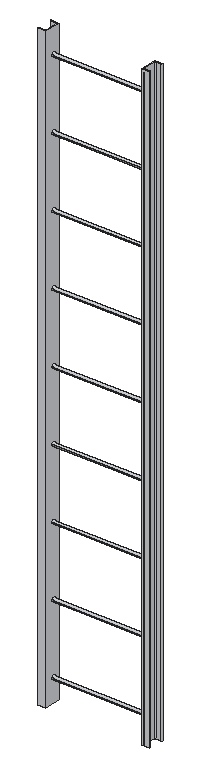
Revit family "Inclined Ladder", category Generic Models, Revit 2022
Family settings
  Can host rebar = No
  Round Connector Dimension = Use Diameter
  Part Type = Normal
  Work Plane-Based = Yes
  Always vertical = No
  Cut with Voids When Loaded = No
  Maintain Annotation Orientation = No
  Shared = No
  Room Calculation Point = No
Parameters (values of type "Straight Ladder")
  W [instance] = 600 mm
  No [instance] = 9
  H1 [instance] = 3800 mm
  Default Elevation = 1219.2 mm
  Clear Height [instance] = 150 mm
Types (5): name
  Straight Ladder
  Straight Ladder 5
  Straight Ladder 4
  Straight Ladder 3
  Straight Ladder 2
Reference planes
  plane 1 "Center (Front/Back)": y = 0
  plane 2: z = 0
  plane 3 "Center (Left/Right)": x = 0
  plane 4: x = -300
  plane 5: x = 300
  plane 6: z = 3800
  plane 7: z = 150
  plane 8: z = 3650
Forms (mm)
  Sweep 1, solid
    path origin (0, 0, 0) x (1, 0, 0) y (0, 0, 1)
      loop
        line (-300, 3800) -> (-300, 0)
    profile origin (-300, 0, 1900) x (0, -1, 0) y (1, 0, 0)
      loop
        line (-87.2, -6.4) -> (-12.8, -6.4)
        arc (-12.8, -6.4) -> (-8.275, -8.275) -> (-6.4, -12.8) r 6.4
        line (-6.4, -12.8) -> (-6.4, -43.975)
        arc (-6.4, -43.975) -> (-4.525, -48.5) -> (0, -50.375) r 6.4
        line (0, -50.375) -> (0, 0) -> (-100, 0) -> (-100, -50.375)
        arc (-100, -50.375) -> (-95.475, -48.5) -> (-93.6, -43.975) r 6.4
        line (-93.6, -43.975) -> (-93.6, -12.8)
        arc (-93.6, -12.8) -> (-91.725, -8.275) -> (-87.2, -6.4) r 6.4
  Sweep 2, solid
    path origin (0, 0, 0) x (1, 0, 0) y (0, 0, 1)
      loop
        line (300, 3800) -> (300, 0)
    profile origin (300, 0, 1900) x (0, -1, 0) y (1, 0, 0)
      loop
        line (-6.4, 43.975) -> (-6.4, 12.8)
        arc (-6.4, 12.8) -> (-8.275, 8.275) -> (-12.8, 6.4) r 6.4
        line (-12.8, 6.4) -> (-87.2, 6.4)
        arc (-87.2, 6.4) -> (-91.725, 8.275) -> (-93.6, 12.8) r 6.4
        line (-93.6, 12.8) -> (-93.6, 43.975)
        arc (-93.6, 43.975) -> (-95.475, 48.5) -> (-100, 50.375) r 6.4
        line (-100, 50.375) -> (-100, 0) -> (0, 0) -> (0, 50.375)
        arc (0, 50.375) -> (-4.525, 48.5) -> (-6.4, 43.975) r 6.4
Dimensions and locks
  equal spacing: plane 4, plane 3 "Center (Left/Right)", plane 5
  "W": plane 4 to plane 5
  plane 6 to plane 2 = 3800 mm
  "H1": plane 6 to plane 2
  "Clear Height": plane 7 to plane 2
  equal spacing: group 1, group 3, group 4, group 5, group 6, group 7, group 8, group 9, group 2  (x3)
  "Clear Height": plane 6 to plane 8
  aligned and locked: level to plane 2
  aligned and locked: plane 2 to Sweep 1 sketch curve
  aligned and locked: plane 6 to Sweep 1 sketch curve
  aligned and locked: plane 2 to Sweep 2 sketch curve
  aligned and locked: plane 6 to Sweep 2 sketch curve
  aligned and locked: Sweep 1 to nested 1
  aligned and locked: plane 7 to nested 1
  aligned and locked: plane 8 to nested 2
  aligned and locked: plane 4 to nested 2
  aligned and locked: profile plane to Sweep 2 sketch curve  (x2)
Automatic sketch dimensions
  plane 5 to Sweep 2 sketch curve = 0 mm
  Sweep 1 sketch curve to plane 4 = 0 mm
  Sweep 1 sketch curve to profile plane = 0 mm
  plane 1 "Center (Front/Back)" to Sweep 1 sketch curve = 0 mm
  Sweep 1 sketch curve to plane 1 "Center (Front/Back)" = 6.4 mm
  profile plane to Sweep 1 sketch curve = 6.4 mm
  Sweep 1 sketch curve to Sweep 1 sketch curve = 6.4 mm  (x3)
  Sweep 1 sketch curve to Sweep 1 sketch curve = 74.4 mm
  Sweep 1 sketch curve to Sweep 1 sketch curve = 31.175 mm  (x2)
  Sweep 2 sketch curve to plane 1 "Center (Front/Back)" = 6.4 mm
  Sweep 2 sketch curve to Sweep 2 sketch curve = 6.4 mm  (x3)
  Sweep 2 sketch curve to profile plane = 6.4 mm
  Sweep 2 sketch curve to Sweep 2 sketch curve = 74.4 mm
  Sweep 2 sketch curve to Sweep 2 sketch curve = 31.175 mm  (x2)
Nested families
  nested 1: "Family2" at (-300, 50, 150), W <- "W", type "Family2"
    with W 600 mm, Dia 10 mm
  nested 2: "Family2" at (-300, 50, 3650), W <- "W", type "Family2"
    with W 600 mm, Dia 10 mm
  nested 3: "Family2" at (-300, 50, 587.5), W <- "W", type "Family2"
    with W 600 mm, Dia 10 mm
  nested 4: "Family2" at (-300, 50, 1025), W <- "W", type "Family2"
    with W 600 mm, Dia 10 mm
  nested 5: "Family2" at (-300, 50, 1462.5), W <- "W", type "Family2"
    with W 600 mm, Dia 10 mm
  nested 6: "Family2" at (-300, 50, 1900), W <- "W", type "Family2"
    with W 600 mm, Dia 10 mm
  nested 7: "Family2" at (-300, 50, 2337.5), W <- "W", type "Family2"
    with W 600 mm, Dia 10 mm
  nested 8: "Family2" at (-300, 50, 2775), W <- "W", type "Family2"
    with W 600 mm, Dia 10 mm
  nested 9: "Family2" at (-300, 50, 3212.5), W <- "W", type "Family2"
    with W 600 mm, Dia 10 mm
Definition of nested family "Family2"
  Parameters (values of type "Family2")
    W [instance] = 500 mm
    Dia [instance] = 20 mm
    Default Elevation = 0 mm
  Reference planes
    plane 1 "Center (Front/Back)": y = 0
    plane 2: z = 0
    plane 3 "Center (Left/Right)": x = 0
  Forms (mm)
    Extrusion 1, solid
      sketch origin (0, 0, 0) x (0, 1, 0) y (0, 0, 1)
        loop
          circle (0, 0) r 20
      from 0 to 500
  Dimensions and locks
    "W": plane 3 "Center (Left/Right)" to Extrusion 1
    "Dia": radius of Extrusion 1 sketch curve
    aligned and locked: level to plane 2
    aligned and locked: Extrusion 1 to plane 3 "Center (Left/Right)"
  Automatic sketch dimensions
    Extrusion 1 sketch curve to level = 0 mm
    Extrusion 1 sketch curve to plane 1 "Center (Front/Back)" = 0 mm
